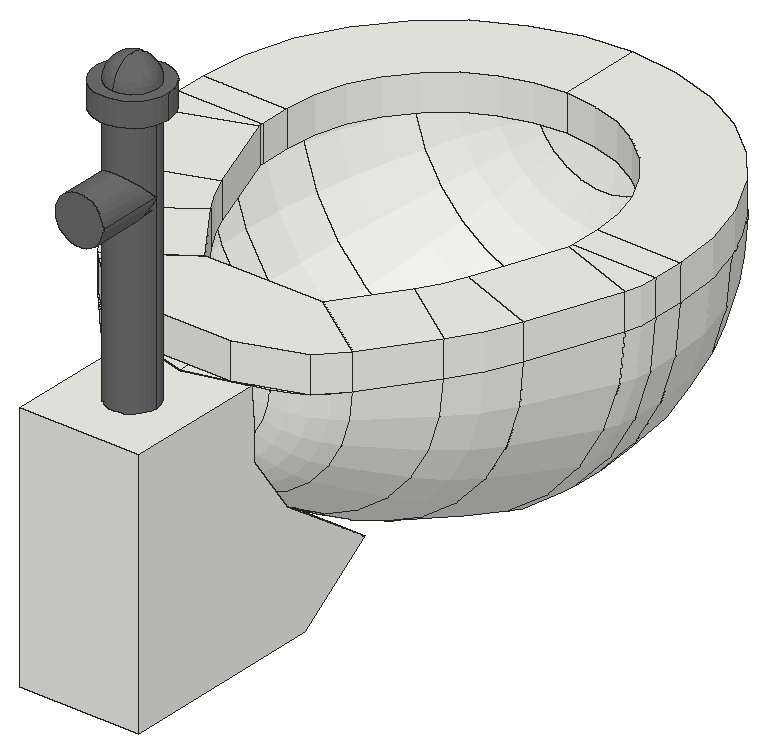
Revit family "M_洗手間-商用-牆-3D", category Sanitärinstallationen, Revit 2017
Family settings
  Basisbauteil = Wand
  Bemaßung runder Anschluss = Durchmesser verwenden
  Teiletyp = Normal
  OmniClass-Nummer = 23.45.05.21.11
  OmniClass-Titel = Water Closets
  Immer vertikal = Ja
  Beim Laden mit Abzugskörper schneiden = Nein
  Gemeinsam genutzt = Ja
  Raumberechnungspunkt = Nein
Parameters (values of type "380mm 椅子高度")
  裝備高度 = 380.00 mm
  管材料 = 鋼，拋光
  碗公材質 = 瓷器，象牙白
  椅子材質 = 層壓板，象牙白，霧面
Types (2, lengths in mm): name | 裝備高度
  380mm 椅子高度 | 380.00
  480mm 椅子高度 | 480.00
Reference planes
  plane 1: y = 0
  plane 2: x = 404.903
  plane 3: y = 75
  plane 4: y = 812.8
  plane 5: z = 341.9
  plane 6: y = 557.6
  plane 7: y = 303.6
  plane 8: z = 380
  plane 9: z = 646.7
  plane 10: y = 145.535
  plane 11: z = 76.2
Forms (mm)
  Extrusion 1, solid, material "瓷器，象牙白" <- "碗公材質"
    sketch origin (404.903, 0, 0) x (0, -1, 0) y (0, 0, 1)
      loop
        line (-75, 341.9) -> (-227.804, 341.9) -> (-227.804, 268.296) -> (-271.51, 205.877) -> (-375.543, 133.033) -> (-295.045, 76.2) -> (-75, 76.2) -> (-75, 341.9)
    from -63.5 to 63.5
  Extrusion 2, solid, material "鋼，拋光" <- "管材料"
    sketch origin (341.403, 75, 341.9) x (1, 0, 0) y (0, 1, 0)
      loop
        circle (63.5, 70.535) r 25.4
    from 0 to 279.4
  Extrusion 3, solid, material "鋼，拋光" <- "管材料"
    sketch origin (0, 75, 0) x (1, 0, 0) y (0, 0, 1)
      loop
        circle (404.903, 543.211) r 25.4
    from 0 to -70.644
  Extrusion 4, solid, material "鋼，拋光" <- "管材料"
    sketch origin (341.403, 75, 621.3) x (1, 0, 0) y (0, 1, 0)
      loop
        circle (63.5, 70.535) r 38.1
    from 0 to 25.4
  Revolve 5, solid, material "鋼，拋光" <- "管材料"
    sketch origin (404.903, 0, 0) x (0, -1, 0) y (0, 0, 1)
      loop
        line (-171.153, 646.7) -> (-145.535, 646.7) -> (-145.535, 672.318)
        arc (-145.535, 672.318) -> (-163.65, 664.814) -> (-171.153, 646.7) r 25.618
      axis (-145.535, 646.7) -> (-145.535, 672.318)
    angle from 0 to 360
  Revolve 6, solid, material "瓷器，象牙白" <- "碗公材質"
    sketch origin (0, 0, 341.9) x (1, 0, 0) y (0, 1, 0)
      loop
        line (404.903, 811.6) -> (404.903, 786.2)
        arc (404.903, 786.2) -> (444.599, 782.727) -> (483.089, 772.414) r 228.6
        arc (483.089, 772.414) -> (527.73, 750.399) -> (566.548, 719.245) r 228.6
        arc (566.548, 719.245) -> (597.702, 680.427) -> (619.717, 635.786) r 228.6
        arc (619.717, 635.786) -> (630.03, 597.296) -> (633.503, 557.6) r 228.6
        line (633.503, 557.6) -> (633.503, 524.715)
        arc (633.503, 524.715) -> (632.346, 511.483) -> (628.908, 498.653) r 76.2
        line (628.908, 498.653) -> (596.636, 409.986)
        arc (596.636, 409.986) -> (581.916, 376.534) -> (562.957, 345.289) r 279.4
        line (562.957, 345.289) -> (525.073, 291.186)
        arc (525.073, 291.186) -> (500.122, 266.235) -> (468.143, 251.323) r 101.6
        line (468.143, 251.323) -> (404.903, 234.378) -> (404.903, 208.082) -> (483.647, 229.181)
        arc (483.647, 229.181) -> (515.626, 244.093) -> (540.577, 269.044) r 101.6
        line (540.577, 269.044) -> (585.681, 333.459)
        arc (585.681, 333.459) -> (604.641, 364.704) -> (619.36, 398.156) r 279.4
        line (619.36, 398.156) -> (652.776, 489.966)
        arc (652.776, 489.966) -> (657.36, 507.072) -> (658.903, 524.715) r 101.6
        line (658.903, 524.715) -> (658.903, 557.6)
        arc (658.903, 557.6) -> (655.044, 601.707) -> (643.585, 644.473) r 254
        arc (643.585, 644.473) -> (619.125, 694.074) -> (584.508, 737.205) r 254
        arc (584.508, 737.205) -> (541.377, 771.821) -> (491.776, 796.282) r 254
        arc (491.776, 796.282) -> (449.01, 807.741) -> (404.903, 811.6) r 254
      axis (404.903, 208.082) -> (404.903, 811.6)
    angle from 0 to 180
  Sweep 7, solid, material "層壓板，象牙白，霧面" <- "椅子材質"
    path origin (0, 0, 341.9) x (1, 0, 0) y (0, 1, 0)
      loop
        line (540.577, 269.044) -> (585.681, 333.459)
        arc (585.681, 333.459) -> (604.641, 364.704) -> (619.36, 398.156) r 279.4
        line (619.36, 398.156) -> (652.776, 489.966)
        arc (652.776, 489.966) -> (657.36, 507.072) -> (658.903, 524.715) r 101.6
        line (658.903, 524.715) -> (658.903, 557.6)
        arc (658.903, 557.6) -> (584.508, 737.205) -> (404.903, 811.6) r 254
        arc (404.903, 811.6) -> (225.298, 737.205) -> (150.903, 557.6) r 254
        line (150.903, 557.6) -> (150.903, 524.715)
        arc (150.903, 524.715) -> (152.447, 507.072) -> (157.03, 489.966) r 101.6
        line (157.03, 489.966) -> (190.446, 398.156)
        arc (190.446, 398.156) -> (205.166, 364.704) -> (224.125, 333.459) r 279.4
        line (224.125, 333.459) -> (269.23, 269.044)
    profile origin (0, 541.157, 441.9) x (-1, 0, 0) y (0, 0, 1)
      loop
        line (-658.903, -100) -> (-570.003, -100) -> (-570.003, -61.9) -> (-658.903, -61.9) -> (-658.903, -100)
  Extrusion 8, solid, material "層壓板，象牙白，霧面" <- "椅子材質"
    sketch origin (404.903, 557.6, 380) x (1, 0, 0) y (0, 1, 0)
      loop
        line (-62.851, -237.565) -> (-135.674, -288.556) -> (-110.723, -313.507) -> (-44.661, -337.551) -> (44.661, -337.551) -> (110.723, -313.507) -> (135.674, -288.556) -> (62.851, -237.565) -> (-62.851, -237.565)
    from 0 to -38.1
Lines and regions (mm)
  Masking region 1
    outline origin (0, 0, 0) x (1, 0, 0) y (0, 1, 0)
      loop
        arc (404.903, 811.6) -> (225.298, 737.205) -> (150.903, 557.6) r 254
        line (150.903, 557.6) -> (150.903, 524.715)
        arc (150.903, 524.715) -> (152.447, 507.072) -> (157.03, 489.966) r 101.6
        line (157.03, 489.966) -> (190.446, 398.156)
        arc (190.446, 398.156) -> (205.166, 364.704) -> (224.125, 333.459) r 279.4
        line (224.125, 333.459) -> (269.23, 269.044)
        arc (269.23, 269.044) -> (300.702, 239.888) -> (341.403, 226.322) r 101.6
        line (341.403, 226.322) -> (341.403, 75) -> (468.403, 75) -> (468.403, 226.322)
        arc (468.403, 226.322) -> (509.104, 239.888) -> (540.577, 269.044) r 101.6
        line (540.577, 269.044) -> (585.681, 333.459)
        arc (585.681, 333.459) -> (604.641, 364.704) -> (619.36, 398.156) r 279.4
        line (619.36, 398.156) -> (652.776, 489.966)
        arc (652.776, 489.966) -> (657.36, 507.072) -> (658.903, 524.715) r 101.6
        line (658.903, 524.715) -> (658.903, 557.6)
        arc (658.903, 557.6) -> (584.508, 737.205) -> (404.903, 811.6) r 254
  symbolic lines
    curve 1: arc (404.903, 722.7, 0) -> (288.16, 674.343, 0) -> (239.803, 557.6, 0) r 165.1
    curve 2: arc (570.003, 557.6, 0) -> (521.646, 674.343, 0) -> (404.903, 722.7, 0) r 165.1
    curve 3: line (570.003, 557.6, 0) -> (570.003, 524.715, 0)
    curve 4: line (569.237, 520.371, 0) -> (535.821, 428.562, 0)
    curve 5: arc (512.858, 384.45, 0) -> (525.785, 405.754, 0) -> (535.821, 428.562, 0) r 190.5
    curve 6: line (512.858, 384.45, 0) -> (467.754, 320.035, 0)
    curve 7: line (239.803, 524.715, 0) -> (239.803, 557.6, 0)
    curve 8: line (273.985, 428.562, 0) -> (240.569, 520.371, 0)
    curve 9: arc (273.985, 428.562, 0) -> (284.021, 405.754, 0) -> (296.948, 384.45, 0) r 190.5
    curve 10: line (342.052, 320.035, 0) -> (296.948, 384.45, 0)
    curve 11: arc (443.003, 145.535, 0) -> (404.903, 183.635, 0) -> (366.803, 145.535, 0) r 38.1
    curve 12: arc (366.803, 145.535, 0) -> (404.903, 107.435, 0) -> (443.003, 145.535, 0) r 38.1
    curve 13: arc (379.503, 145.535, 0) -> (404.903, 120.135, 0) -> (430.303, 145.535, 0) r 25.4
    curve 14: arc (430.303, 145.535, 0) -> (404.903, 170.935, 0) -> (379.503, 145.535, 0) r 25.4
    curve 15: line (379.288, 75, 0) -> (379.288, 117.331, 0)
    curve 16: line (430.538, 75, 0) -> (430.538, 117.349, 0)
    curve 17: arc (341.403, 227.804, 0) -> (403.903, 220.047, 0) -> (466.403, 227.804, 0) r 255.662
    curve 18: line (342.052, 320.035, 0) -> (467.754, 320.035, 0)
Text (mm)
  text "Placement Side" at (0, 1019.848, 3124.603), in view "右"
  text "Placement Side" at (0, 1206.291, 1554.205), in view "左"
Dimensions and locks
  locked: plane 3 to plane 6 at 482.6
  locked: plane 3 to plane 7 at 228.6
  "裝備高度": plane 8 to level
  locked: plane 8 to plane 5 at 38.1
  locked: plane 8 to plane 9 at 266.7
  locked: plane 3 to plane 10 at 70.535
  locked: plane 8 to plane 11 at 303.8
  aligned and locked: plane 3 to host wall
  aligned and locked: Masking region 1 sketch curve to Extrusion 1
  aligned and locked: Sweep 7 sketch curve to plane 8
  aligned and locked: plane 5 to Sweep 7 sketch curve
  aligned and locked: plane 5 to Extrusion 8
  aligned and locked: Extrusion 1 sketch curve to plane 11
Automatic sketch dimensions
  Extrusion 2 sketch curve to plane 2 = 0.00 mm
  Extrusion 2 sketch curve to Extrusion 2 sketch curve = 25.40 mm
  Extrusion 2 sketch curve to plane 3 = 70.535 mm
  Extrusion 3 sketch curve to plane 2 = 0.00 mm
  plane 2 to Extrusion 3 sketch curve = 25.40 mm
  Extrusion 3 sketch curve to plane 5 = 201.311 mm
  Extrusion 4 sketch curve to plane 2 = 0.00 mm
  Extrusion 4 sketch curve to Extrusion 4 sketch curve = 38.10 mm
  Extrusion 4 sketch curve to plane 3 = 70.535 mm
  Revolve 5 sketch curve to plane 9 = 0.00 mm
  Revolve 5 sketch curve to plane 10 = 0.00 mm  (x2)
  Revolve 5 sketch curve to Revolve 5 sketch curve = 25.618 mm
  Revolve 5 sketch curve to Revolve 5 sketch curve = 39.01 mm
  Revolve 5 sketch curve to Revolve 5 sketch curve = 25.40 mm
  Revolve 6 sketch curve to plane 2 = 0.00 mm  (x9)
  Revolve 6 sketch curve to plane 6 = 0.00 mm  (x8)
  plane 2 to Revolve 6 sketch curve = 48.093 mm
  Revolve 6 sketch curve to plane 2 = 36.944 mm
  Revolve 6 sketch curve to Revolve 6 sketch curve = 15.504 mm  (x3)
  Revolve 6 sketch curve to plane 2 = 63.24 mm
  Revolve 6 sketch curve to Revolve 6 sketch curve = 8.687 mm  (x2)
  plane 7 to Revolve 6 sketch curve = 12.414 mm
  Revolve 6 sketch curve to Revolve 6 sketch curve = 56.93 mm
  plane 7 to Revolve 6 sketch curve = 34.556 mm
  plane 6 to Revolve 6 sketch curve = 32.885 mm
  Revolve 6 sketch curve to Revolve 6 sketch curve = 101.60 mm
  Revolve 6 sketch curve to Revolve 6 sketch curve = 0.00 mm
  Revolve 6 sketch curve to Revolve 6 sketch curve = 37.884 mm
  Revolve 6 sketch curve to Revolve 6 sketch curve = 17.961 mm
  Revolve 6 sketch curve to plane 7 = 29.859 mm
  Revolve 6 sketch curve to Revolve 6 sketch curve = 22.724 mm  (x3)
  Revolve 6 sketch curve to plane 7 = 106.386 mm
  Revolve 6 sketch curve to Revolve 6 sketch curve = 33.679 mm
  Revolve 6 sketch curve to Revolve 6 sketch curve = 23.868 mm  (x2)
  Revolve 6 sketch curve to Revolve 6 sketch curve = 4.595 mm
  Revolve 6 sketch curve to Revolve 6 sketch curve = 39.863 mm
  Revolve 6 sketch curve to Revolve 6 sketch curve = 16.945 mm
  Revolve 6 sketch curve to Revolve 6 sketch curve = 22.142 mm
  Revolve 6 sketch curve to Revolve 6 sketch curve = 26.296 mm
  Revolve 6 sketch curve to Revolve 6 sketch curve = 78.186 mm
  Revolve 6 sketch curve to Revolve 6 sketch curve = 53.169 mm
  Revolve 6 sketch curve to Revolve 6 sketch curve = 105.21 mm
  Revolve 6 sketch curve to Revolve 6 sketch curve = 102.318 mm
  Revolve 6 sketch curve to Revolve 6 sketch curve = 39.332 mm
  plane 6 to Revolve 6 sketch curve = 159.444 mm
  Revolve 6 sketch curve to Revolve 6 sketch curve = 83.459 mm
  Revolve 6 sketch curve to Revolve 6 sketch curve = 29.995 mm
  Revolve 6 sketch curve to Revolve 6 sketch curve = 11.83 mm
  Sweep 7 sketch curve to plane 6 = 0.00 mm  (x2)
  Sweep 7 sketch curve to plane 2 = 0.00 mm
  plane 2 to Sweep 7 sketch curve = 48.093 mm
  plane 6 to Sweep 7 sketch curve = 32.885 mm  (x2)
  Sweep 7 sketch curve to Sweep 7 sketch curve = 104.307 mm
  Sweep 7 sketch curve to plane 7 = 29.859 mm  (x2)
  Sweep 7 sketch curve to Sweep 7 sketch curve = 45.104 mm  (x2)
  Sweep 7 sketch curve to Sweep 7 sketch curve = 33.679 mm  (x2)
  plane 6 to Sweep 7 sketch curve = 67.634 mm
  Sweep 7 sketch curve to Sweep 7 sketch curve = 33.416 mm
  Sweep 7 sketch curve to plane 2 = 48.093 mm
  Sweep 7 sketch curve to Sweep 7 sketch curve = 101.60 mm
  Sweep 7 sketch curve to Sweep 7 sketch curve = 6.127 mm
  Sweep 7 sketch curve to Sweep 7 sketch curve = 64.697 mm  (x2)
  plane 2 to Sweep 7 sketch curve = 180.778 mm
  plane 7 to Sweep 7 sketch curve = 34.556 mm  (x2)
  Sweep 7 sketch curve to plane 2 = 135.674 mm
  plane 7 to Extrusion 8 sketch curve = 34.556 mm  (x2)
  plane 2 to Extrusion 8 sketch curve = 135.674 mm
  Extrusion 8 sketch curve to Extrusion 8 sketch curve = 24.95 mm  (x4)
  Extrusion 8 sketch curve to plane 7 = 16.435 mm
  plane 2 to Extrusion 8 sketch curve = 62.851 mm
  plane 2 to Extrusion 8 sketch curve = 44.661 mm
  Extrusion 8 sketch curve to plane 2 = 44.661 mm
  Extrusion 8 sketch curve to plane 2 = 62.851 mm
  Extrusion 8 sketch curve to Extrusion 8 sketch curve = 66.062 mm
  Extrusion 8 sketch curve to Extrusion 8 sketch curve = 24.045 mm
  Masking region 1 sketch curve to Masking region 1 sketch curve = 0.00 mm
  Masking region 1 sketch curve to plane 6 = 0.00 mm
  Masking region 1 sketch curve to plane 2 = 0.00 mm
  plane 2 to Masking region 1 sketch curve = 48.093 mm
  Masking region 1 sketch curve to plane 7 = 23.719 mm  (x2)
  plane 2 to Masking region 1 sketch curve = 52.448 mm
  plane 2 to Masking region 1 sketch curve = 63.50 mm
  plane 6 to Masking region 1 sketch curve = 32.885 mm  (x2)
  Masking region 1 sketch curve to Masking region 1 sketch curve = 104.307 mm
  Masking region 1 sketch curve to plane 7 = 29.859 mm  (x2)
  Masking region 1 sketch curve to Masking region 1 sketch curve = 45.104 mm  (x2)
  Masking region 1 sketch curve to plane 7 = 94.556 mm
  Masking region 1 sketch curve to Masking region 1 sketch curve = 33.679 mm  (x2)
  Masking region 1 sketch curve to Masking region 1 sketch curve = 33.416 mm
  Masking region 1 sketch curve to Masking region 1 sketch curve = 6.127 mm
  Masking region 1 sketch curve to plane 2 = 48.093 mm
  Masking region 1 sketch curve to plane 2 = 52.448 mm
  Masking region 1 sketch curve to plane 2 = 63.50 mm
  plane 7 to Masking region 1 sketch curve = 34.556 mm
  Masking region 1 sketch curve to Masking region 1 sketch curve = 72.174 mm
  Masking region 1 sketch curve to Masking region 1 sketch curve = 101.60 mm
  plane 6 to Masking region 1 sketch curve = 67.634 mm
  Masking region 1 sketch curve to Masking region 1 sketch curve = 64.697 mm
  Masking region 1 sketch curve to Masking region 1 sketch curve = 128.33 mm
  plane 7 to Masking region 1 sketch curve = 77.278 mm
  curve 1 to curve 2 = 0.00 mm
  curve 11 to curve 13 = 0.00 mm
  curve 12 to curve 14 = 0.00 mm
  curve 7 to plane 6 = 0.00 mm
  curve 15 to host wall = 0.00 mm
  curve 14 to plane 2 = 0.00 mm
  curve 2 to plane 2 = 0.00 mm
  curve 16 to host wall = 0.00 mm
  plane 2 to curve 17 = 1.00 mm
  plane 2 to curve 13 = 25.40 mm
  plane 2 to curve 15 = 25.615 mm
  curve 11 to curve 13 = 12.70 mm
  plane 2 to curve 5 = 48.093 mm
  curve 10 to plane 7 = 16.435 mm
  plane 2 to curve 10 = 62.851 mm
  plane 2 to curve 17 = 63.50 mm
  curve 9 to curve 18 = 45.104 mm
  curve 8 to curve 10 = 22.963 mm
  plane 6 to curve 8 = 37.229 mm
  curve 8 to curve 8 = 33.416 mm
  curve 1 to curve 8 = 0.766 mm
  curve 16 to plane 2 = 25.635 mm
  curve 9 to plane 2 = 48.093 mm
  curve 17 to plane 2 = 61.50 mm
  curve 6 to plane 2 = 62.851 mm
  curve 6 to curve 5 = 45.104 mm
  curve 5 to curve 4 = 22.963 mm
  plane 6 to curve 4 = 37.229 mm
  curve 4 to curve 3 = 0.766 mm
  curve 15 to curve 15 = 42.331 mm
  plane 7 to curve 17 = 75.796 mm
  curve 18 to curve 9 = 64.416 mm
  curve 6 to curve 6 = 64.416 mm
  curve 10 to curve 8 = 44.111 mm
  curve 5 to curve 4 = 44.111 mm
  curve 17 to curve 5 = 18.008 mm
  curve 4 to curve 3 = 4.344 mm
  curve 8 to curve 7 = 4.344 mm
  Sweep 7 sketch curve to profile plane = 0.00 mm
  Sweep 7 sketch curve to profile plane = 88.90 mm
  Extrusion 1 sketch curve to plane 5 = 0.00 mm
  Extrusion 1 sketch curve to host wall = 0.00 mm
  plane 7 to Extrusion 1 sketch curve = 75.796 mm
  plane 7 to Extrusion 1 sketch curve = 32.09 mm
  plane 7 to Extrusion 1 sketch curve = 8.555 mm
  Extrusion 1 sketch curve to plane 7 = 71.943 mm
  plane 11 to Extrusion 1 sketch curve = 56.833 mm
  Extrusion 1 sketch curve to Extrusion 1 sketch curve = 72.844 mm
  plane 5 to Extrusion 1 sketch curve = 73.604 mm
